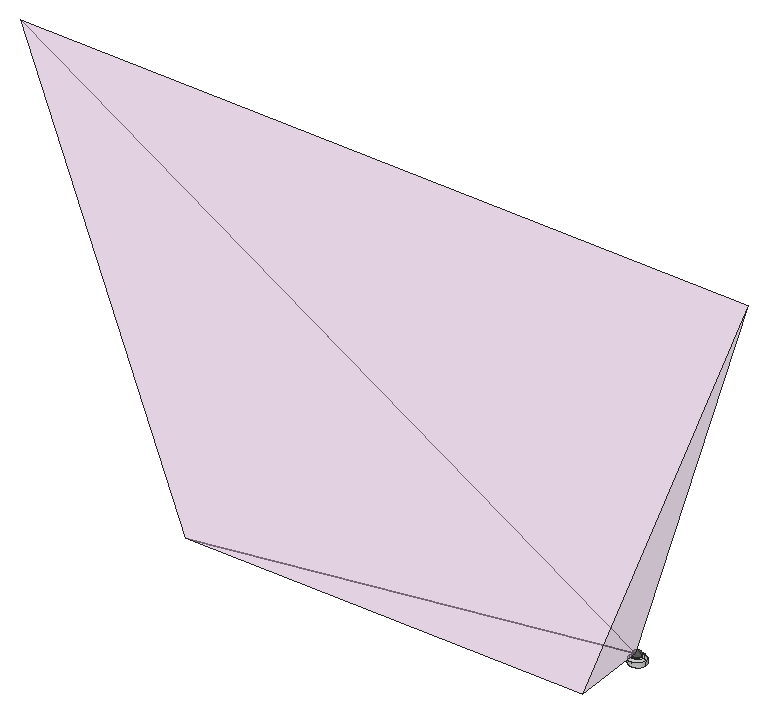
Revit family "i-PRO-5MP-Outdoor-Dome-Network Camera-WV-S2552L", category Security Devices, host Face, Revit 2020
Family settings
  Host = Face
  Maintain Annotation Orientation = No
  Round Connector Dimension = Use Diameter
  Part Type = Normal
  OmniClass Number = 23.85.10.14.11
  OmniClass Title = Cameras
  Cut with Voids When Loaded = No
  Shared = No
  Room Calculation Point = No
Parameters (values of type "WV-S2552L (Wall)")
  z Yaw Actual [instance] = if(and(On Wall, not(On Ceiling)), Yaw Actual, Yaw Actual + 180.00°)  # 0.00°
  z VV Viewpoint Depth Min = 1.28346"  # constant formula
  z VV Viewpoint Depth Max = 1.28346"  # constant formula
  z VV Viewpoint Depth [instance] = (z VV Viewpoint Depth Max - z VV Viewpoint Depth Min) * z HFOV Ratio + z VV Viewpoint Depth Min  # 1.28346"
  z VV Origin Horizontal Offset [instance] = 0.000"  # constant formula
  z VV Origin Height [instance] = 2.4685" - z Camera Bottom Offset  # 2.4685"
  z VV Origin Angle [instance] = 0.00°  # constant formula
  z Tilt Actual [instance] = Tilt Actual  # 45.00°
  z Pan Actual Safe [instance] = if(Pan Actual = -180.00°, 180.00°, Pan Actual)  # 0.00°
  z Pan Actual [instance] = Pan Actual  # 0.00°
  z HFOV Ratio [instance] = (Horizontal FOV Actual - Horizontal FOV Min) / (Horizontal FOV Max - Horizontal FOV Min)  # 0.38571
  z Dome Radius = 1.65354"  # constant formula
  z Const Yaw Handle Length = 9.25197"  # constant formula
  z Const Yaw Base2 Length = 17.32283"  # constant formula
  z Const Yaw Base Length = 10.23622"  # constant formula
  z Const Tilt Handle Length = 11.81102"  # constant formula
  z Const Tilt Base2 Length = 19.68504"  # constant formula
  z Const Tilt Base Length = 9.84252"  # constant formula
  z Const Pan Handle Length = 19.48819"  # constant formula
  z Has Ceiling Mount [instance] = and(On Ceiling, not(On Wall), Has Ceiling Mount)  # no
  z Camera Type = 25500
  z Camera Center Offset [instance] = 0.000"  # constant formula
  z Camera Bottom Offset [instance] = if(z Has Ceiling Mount, 1.65354", 0.000")  # 0.000"
  z Camera Angle [instance] = 90.00°  # constant formula
  z Base is Visible [instance] = not(z Has Ceiling Mount)  # yes
  z Base Radius = Diameter / 2  # 3.0315"
  Yaw Min = -100.00°  # constant formula
  Yaw Max = 100.00°  # constant formula
  Yaw Desired [instance] = 0.00°
  Yaw Actual [instance] = if(Yaw Desired > Yaw Max, Yaw Max, if(Yaw Desired < Yaw Min, Yaw Min, Yaw Desired))  # 0.00°
  Wind Resistance = "Up to 40 m/s {approx. 89 mph}"  # constant formula
  Weight [instance] = 3.53 lbf  # constant formula
  Water and Dust Resistance = "IIP66 (IEC60529), Type 4X(UL50E), NEMA 4X compliant"  # constant formula
  Voltage [instance] = 48 V  # constant formula
  Vertical FOV Min [instance] = if(and(Aspect Ratio 4_3, not(Aspect Ratio 16_9)), VFOV Min 43, VFOV Min 169)  # 19.00°
  Vertical FOV Max [instance] = if(and(Aspect Ratio 4_3, not(Aspect Ratio 16_9)), VFOV Max 43, VFOV Max 169)  # 55.00°
  Vertical FOV Actual [instance] = z HFOV Ratio * (Vertical FOV Max - Vertical FOV Min) + Vertical FOV Min  # 32.8857°
  VFOV Min 43 = 25.00°  # constant formula
  VFOV Min 169 = 19.00°  # constant formula
  VFOV Max 43 = 55.00°  # constant formula
  VFOV Max 169 = 55.00°  # constant formula
  URL = "https://i-pro.com/products_and_solutions/en/surveillance"
  Tilt Min = -30.00°  # constant formula
  Tilt Max = 85.00°  # constant formula
  Tilt Desired [instance] = 45.00°
  Tilt Actual [instance] = if(Tilt Desired > Tilt Max, Tilt Max, if(Tilt Desired < Tilt Min, Tilt Min, Tilt Desired))  # 45.00°
  Storage Temperature = "-40 °C to +60 °C (-40 °F to 140 °F)"  # constant formula
  Show View Volume [instance] = yes
  Shock Resistance = "50J (IEC 60068-2-75 compliant), IK10 (IEC62262))"  # constant formula
  Saftey = "UL (UL62368-1), c-UL (CSA C22.2 No.62368-1), CE, IEC62368-1"  # constant formula
  Provide Feedback = "https://i-pro.com/products_and_solutions/en/surveillance/contact-us"
  Product Page URL = "https://i-pro.com/products_and_solutions/en/surveillance/products/wv-s2552l"
  Product Material = Paint -i-Pro White
  Product Documentation Link = "https://i-pro.com/products_and_solutions/en/surveillance/products/wv-s2552l"
  Power Supply type is PoE [instance] = yes
  Power Supply Type [instance] = "PoE"  # constant formula
  Power Active [instance] = 12.5 W  # constant formula
  Part Number = Model  # "WV-S2552L"
  Part Description = Description  # "i-PRO, 5MP, Outdoor, Dome Network Camera, WV-S2552L"
  Pan Min = -194.00°  # constant formula
  Pan Max = 166.00°  # constant formula
  Pan Desired [instance] = 0.00°
  Pan Actual [instance] = if(Pan Desired > Pan Max, Pan Max, if(Pan Desired < Pan Min, Pan Min, Pan Desired))  # 0.00°
  PPM Desired [instance] = 300
  PPM Actual [instance] = if(PPM Desired > 1, PPM Desired, 1)  # 300
  Original Creation Date = "2023/02/20"  # constant formula
  Operational Temperature = "-30 °C to +60 °C (-22 °F to 140 °F)"  # constant formula
  Operational Humidity = "10 to 100 % (no condensation)"  # constant formula
  On Wall [instance] = not(On Ceiling)  # yes
  On Ceiling [instance] = no
  Model Disclaimer = "Contact i-PRO for more information"  # constant formula
  Model = "WV-S2552L"  # constant formula
  Minimum Illumination = 0.070 lx  # constant formula
  Manufacturer = "i-PRO Co., Ltd."  # constant formula
  Indoor Or Outdoor = "Outdoor"  # constant formula
  IP Or Analog = "IP"  # constant formula
  Horizontal Resolution Actual [instance] = if(and(Aspect Ratio 4_3, not(Aspect Ratio 16_9)), Horizontal Resolution 43, Horizontal Resolution 169)  # 3072
  Horizontal Resolution 43 [instance] = if(and([4_3_3072x2304], not([4_3_1280x960])), 2048, if(and(not([4_3_3072x2304]), [4_3_1280x960]), 1280, 2048))  # 2048
  Horizontal Resolution 169 [instance] = if(and([16_9_3072x1728], not([16_9_2560x1440]), not([16_9_FHD])), 3072, if(and(not([16_9_3072x1728]), [16_9_2560x1440], not([16_9_FHD])), 2560, if(and(not([16_9_3072x1728]), not([16_9_2560x1440]), [16_9_FHD]), 1920, 3072)))  # 3072
  Horizontal FOV Min [instance] = if(and(Aspect Ratio 4_3, not(Aspect Ratio 16_9)), HFOV Min 43, HFOV Min 169)  # 33.00°
  Horizontal FOV Max [instance] = if(and(Aspect Ratio 4_3, not(Aspect Ratio 16_9)), HFOV Max 43, HFOV Max 169)  # 103.00°
  Horizontal FOV Desired [instance] = 60.00°
  Horizontal FOV Actual [instance] = if(Horizontal FOV Desired > Horizontal FOV Max, Horizontal FOV Max, if(Horizontal FOV Desired < Horizontal FOV Min, Horizontal FOV Min, Horizontal FOV Desired))  # 60.00°
  Height = 4.13386"  # constant formula
  Has Ceiling Mount [instance] = and(On Ceiling)  # no
  HFOV Min 43 = 33.00°  # constant formula
  HFOV Min 169 = 33.00°  # constant formula
  HFOV Max 43 = 103.00°  # constant formula
  HFOV Max 169 = 103.00°  # constant formula
  Family Version = "1.0.0"  # constant formula
  Equipment Number [instance] = ""
  Equipment Abbreviation = "SC"  # constant formula
  EMC = "FCC (Part15 ClassA), ICES-003 ClassA, EN55032 ClassA, EN55035"  # constant formula
  Distance to Screen [instance] = 393.70079"
  Distance to PPM Target [instance] = if(PPM Actual = 0, 0.000", 39.37008" * Horizontal Resolution Actual / (PPM Actual * 2 * tan(Horizontal FOV Actual / 2)))  # 349.1378"
  Distance to Floor [instance] = 118.11024"
  Distance to Ceiling [instance] = 0.000"
  Diameter = 6.06299"  # constant formula
  Description = "i-PRO, 5MP, Outdoor, Dome Network Camera, WV-S2552L"  # constant formula
  Default Elevation = 0.000"
  Day Or Night = "Yes"  # constant formula
  Date Last Modified = "2024/03/11"  # constant formula
  Copyright = "© i-PRO Co., Ltd."  # constant formula
  Communication Ports = "10Base-T / 100Base-TX, RJ45 connector"  # constant formula
  Audio Out = "Yes"  # constant formula
  Audio In = "Yes"  # constant formula
  Aspect Ratio 4_3 [instance] = not(Aspect Ratio 16_9)  # no
  Aspect Ratio 16_9 [instance] = yes
  Angle Of View = "103"  # constant formula
  Accessory Part Number [instance] = if(Has Ceiling Mount, "WV-QEM500-W", "Select a Mounting Option")  # "Select a Mounting Option"
  4_3_3072x2304 [instance] = yes
  4_3_1280x960 [instance] = no
  16_9_FHD [instance] = no
  16_9_3072x1728 [instance] = yes
  16_9_2560x1440 [instance] = no
Types (2): name | z Yaw Actual | z VV Origin Height | z Pan Actual Safe | z Pan Actual | z Has Ceiling Mount | z Camera Bottom Offset | z Base is Visible | Pan Desired | Pan Actual | On Wall | On Ceiling | Has Ceiling Mount | Accessory Part Number
  WV-S2552L (Wall) | 0.00° | 2.4685" | 0.00° | 0.00° | no | 0.000" | yes | 0.00° | 0.00° | yes | no | no | "Select a Mounting Option"
  WV-S2552L (Ceiling) | 180.00° | 0.81496" | 180.00° | -180.00° | yes | 1.65354" | no | -180.00° | -180.00° | no | yes | yes | "WV-QEM500-W"
Reference planes (in)
  plane 1 "Center (Front/Back)": y = 0
  plane 2: z = 0
  plane 3 "Center (Left/Right)": x = 0
  plane 4 "Body Bottom": z = 0
  plane 5: y = 0
  plane 6 "BP": z = 2.4685
  plane 7: x = -3.0315
  plane 8: z = 0
  plane 9: z = 2.12598
  plane 10: x = -1.65354
  plane 11: z = 2.40157
  plane 12: z = 1.41732
Forms (in)
  Revolve 1, solid, material "Glass - Panasonic - Black"
    sketch origin (0, 0, 1.06947) x (0, 0, 1) y (1, 0, 0)
      loop
        line (2.98565, 0) -> (1.05652, 0) -> (1.05652, -1.65354) -> (1.33211, -1.65354)
        arc (1.33211, -1.65354) -> (2.50134, -1.16923) -> (2.98565, 0) r 1.65354
      axis (2.98565, 0) -> (1.05652, 0)
    angle from 0 to 360
  Revolve 2, solid, material "Paint -i-Pro White" <- "Product Material", visible <- "z Base is Visible"
    sketch origin (0, 0, 0) x (0, 0, 1) y (1, 0, 0)
      loop
        line (0, 0) -> (0, -3.0315) -> (1.41732, -2.94308) -> (2.12598, -2.28346) -> (2.12598, 0) -> (0, 0)
      axis (2.12598, 0) -> (0, 0)
    angle from 0 to 360
Lines and regions (in)
  reference lines
    curve 1: line (0, 0, 0) -> (0, 0, 3.62205)
  symbolic lines, not visible
    curve 2: line (-1.15, -2.6875, 0) -> (1.15, -2.6875, 0)
Dimensions and locks (in)
  "z Camera Center Offset": plane 5 to plane 1 "Center (Front/Back)"
  "z Base Radius": plane 3 "Center (Left/Right)" to plane 7
  "z Camera Bottom Offset": level to plane 8
  locked: plane 9 to plane 8 at 2.12598
  "z Dome Radius": plane 3 "Center (Left/Right)" to plane 10
  locked: plane 11 to plane 9 at 0.27559
  locked: plane 12 to plane 8 at 1.41732
  "z VV Origin Height": plane 6 "BP" to level
  "z Camera Angle": angle curve 1 to plane 4 "Body Bottom"
  aligned and locked: plane 2 to host face
  aligned and locked: level to host face
  aligned and locked: plane 4 "Body Bottom" to curve 1
  aligned and locked: plane 5 to curve 1
  aligned and locked: plane 5 to nested 1
  aligned and locked: Revolve 1 sketch curve to curve 1  (x2)
  aligned and locked: nested 2 to plane 3 "Center (Left/Right)"
  aligned and locked: nested 2 to plane 1 "Center (Front/Back)"
  aligned and locked: plane 9 to Revolve 1 sketch curve
  aligned and locked: Revolve 1 sketch curve to plane 10
  aligned and locked: Revolve 2 sketch curve to plane 8
  aligned and locked: Revolve 2 sketch curve to plane 9
Automatic sketch dimensions
  host sketch curve to host sketch curve = 96.000"  (x2)
  curve 2 to plane 3 "Center (Left/Right)" = 1.150"
  plane 3 "Center (Left/Right)" to curve 2 = 1.150"
  plane 1 "Center (Front/Back)" to curve 2 = 2.6875"
  Revolve 1 sketch curve to Revolve 1 sketch curve = 0.27559"
  Revolve 1 sketch curve to Revolve 1 sketch curve = 8.18604"
  Revolve 1 sketch curve to Revolve 1 sketch curve = 3.750"
  Revolve 2 sketch curve to curve 1 = 0.000"  (x2)
  Revolve 2 sketch curve to curve 1 = 2.28346"
  Revolve 2 sketch curve to curve 1 = 3.0315"
  Revolve 2 sketch curve to Revolve 2 sketch curve = 0.0597"
  Revolve 2 sketch curve to Revolve 2 sketch curve = 0.70866"
  curve 1 to Revolve 2 sketch curve = 0.35909"
  Revolve 2 sketch curve to Revolve 2 sketch curve = 0.65961"
Nested families (in)
  nested 1: "Ceiling-Bracket-WV-QEM500-W" at (0, 0, 0), Dome Radius <- "z Dome Radius", Has Ceiling Mount <- "Has Ceiling Mount", visible <- "z Has Ceiling Mount", Product Material <- "Product Material", type "Ceiling-Bracket-WV-QEM500-W"
    with z Bracket Radius 3.66142", Product Material Paint -i-Pro White, Has Ceiling Mount no, Dome Radius 1.65354"
  nested 2: "Camera-Security-ViewVolumePTYZ" at (0, 0, 2.4685), Viewpoint Depth <- "z VV Viewpoint Depth", Base Height Offset <- "z VV Origin Height", Viewpoint Origin Horizontal Offset <- "z VV Origin Horizontal Offset", Yaw <- "Yaw Actual", Tilt <- "Tilt Actual", Pan <- "Pan Actual", HFOV <- "Horizontal FOV Actual", VFOV <- "Vertical FOV Actual", On Wall <- "On Wall", On Ceiling <- "On Ceiling", Screen Depth <- "Distance to Screen", Floor Distance <- "Distance to Floor", Ceiling Distance <- "Distance to Ceiling", Target Depth <- "Distance to PPM Target", visible <- "Show View Volume", type "Camera-Security-ViewVolumePTYZ"
    with z Yaw Actual 0.00°, z Void Width 1249.51202", z Void Thickness 397.45276", z Void Height Start -624.75601", z Void Height End 624.75601", z Void Direction 1, z Void Angle 90.00°, z Viewpoint Depth 1.28346", z Tilt Actual 45.00°, z Target Width 403.14961", z Target Visible yes, z Target Height 206.08136", z Target Depth 350.42127", z Screen Width 454.60651", z Screen Height 232.38502", z Screen Depth 394.98425", z Pan Actual 0.00°, z Floor Distance 118.11024", z Ceiling Distance 0.000", Yaw 0.00°, Viewpoint Origin Horizontal Offset 0.000", Viewpoint Depth 1.28346", VFOV 32.8857°, Tilt 45.00°, Target Depth 349.1378", Screen Depth 393.70079", Pan 0.00°, On Wall yes, On Floor no, On Default Mount Type 0, On Ceiling no, HFOV 60.00°, Floor Distance 118.11024", Ceiling Distance 0.000", Base Height Offset 2.4685", Base Angle Offset 0.00°
Connectors (in)
  electrical at (0, 0, 0), driven by "Voltage", driven by "Power Active"
    settings: on Revolve 2, index 1, voltage 48 V, apparent load 12.5 W, apparent load phase1 0.0 W, apparent load phase2 0.0 W, apparent load phase3 0.0 W, power factor 1, load classification "Other", number of poles 1, system type 30, power factor state 1, is connector primary yes, connector utility no, sub classification motor no, connector description "Electrical Connection"
  electrical at (0, 0, 0)
    settings: on Revolve 2, index 2, voltage 0 V, apparent load 0.0 W, apparent load phase1 0.0 W, apparent load phase2 0.0 W, apparent load phase3 0.0 W, power factor 1, load classification "Other", number of poles 1, system type 5, power factor state 1, is connector primary no, connector utility no, sub classification motor no, connector description "Data Connection"
Definition of nested family "Camera-Security-ViewVolumePTYZ"
  Parameters (values of type "Camera-Security-ViewVolumePTYZ")
    z Yaw Actual [instance] = if(Yaw < 0.00°, 360.00° - (abs(Yaw) - rounddown(abs(Yaw) / 360.00°) * 360.00°), Yaw - rounddown(Yaw / 360.00°) * 360.00°)  # 0.00°
    z Void Width [instance] = if(z Screen Width > z Screen Height, z Screen Width, z Screen Height) + abs(Viewpoint Origin Horizontal Offset) + z Void Thickness * 2  # 1265.63013"
    z Void Thickness [instance] = z Screen Depth + abs(Base Height Offset)  # 405.51181"
    z Void Height Start [instance] = -z Void Width / 2  # -632.81507"
    z Void Height End [instance] = z Void Width / 2  # 632.81507"
    z Void Direction [instance] = if((if(On Wall, 1, 0) + if(On Floor, 1, 0) + if(On Ceiling, 1, 0)) = 1, if(On Ceiling, 0, if(On Wall, 1, 2)), On Default Mount Type)  # 0
    z Viewpoint Depth [instance] = if(Viewpoint Depth < 0.03937", 0.03937", Viewpoint Depth)  # 5.90551"
    z Tilt Actual [instance] = if(Tilt < 0.00°, 360.00° - (abs(Tilt) - rounddown(abs(Tilt) / 360.00°) * 360.00°), Tilt - rounddown(Tilt / 360.00°) * 360.00°)  # 45.00°
    z Target Visible [instance] = not(Screen Depth < Target Depth)  # yes
    z Target Thickness Start = -z Target Thickness / 2  # -0.03937"
    z Target Thickness End = z Target Thickness / 2  # 0.03937"
    z Target Depth [instance] = Target Depth + Viewpoint Depth  # 84.64567"
    z Pan Actual [instance] = if(Pan < 0.00°, 360.00° - (abs(Pan) - rounddown(abs(Pan) / 360.00°) * 360.00°), Pan - rounddown(Pan / 360.00°) * 360.00°)  # 0.00°
    z Floor Distance [instance] = if(z Void Direction = 2, if(Floor Distance < 0.000", 0.000", Floor Distance), if(Floor Distance < 0.3937", 0.3937", Floor Distance))  # 118.11024"
    z Const Yaw Base2 Length = 17.32283"  # constant formula
    z Const Tilt Base2 Length = 19.68504"  # constant formula
    z Ceiling Distance [instance] = if(z Void Direction = 2, if(Ceiling Distance < 0.3937", 0.3937", Ceiling Distance), if(Ceiling Distance < 0.000", 0.000", Ceiling Distance))  # 0.000"
    z Const Void Handle Length = 23.62205"  # constant formula
    z Void Angle [instance] = if(z Void Direction = 0, 0.00° + Base Angle Offset, if(z Void Direction = 1, 90.00° + Base Angle Offset, 180.00° + Base Angle Offset))  # 0.00°
    z Screen Depth [instance] = if(Screen Depth < 3.93701", 3.93701" + Viewpoint Depth, Screen Depth + Viewpoint Depth)  # 399.6063"
    Original Creation Date = "2023/02/01"  # constant formula
    On Default Mount Type [instance] = 0
    Manufacturer = "i-PRO Co., Ltd."  # constant formula
    Family Version = "1.0.0"  # constant formula
    Default Elevation = 48.000"
    Date Last Modified = "2023/06/02"  # constant formula
    Copyright = "© i-PRO Co., Ltd."  # constant formula
    Base Height Offset [instance] = 5.90551"
    Base Angle Offset [instance] = 0.00°
    z Viewpoint Width = 0.03937"  # constant formula
    z Viewpoint Height = 0.03937"  # constant formula
    VFOV [instance] = 33.75°
    z Target Width [instance] = Target Depth * tan(HFOV / 2) * 2  # 90.9213"
    z Target Thickness = 0.07874"  # constant formula
    z Target Height [instance] = Target Depth * tan(VFOV / 2) * 2  # 47.77113"
    Target Depth [instance] = 78.74016"
    z Screen Width [instance] = (z Screen Depth - Viewpoint Depth) * tan(HFOV / 2) * 2  # 454.60651"
    z Screen Height [instance] = (z Screen Depth - Viewpoint Depth) * tan(VFOV / 2) * 2  # 238.85566"
    Screen Depth [instance] = 393.70079"
    z Const Yaw Handle Length = 9.25197"  # constant formula
    z Const Yaw Base Length = 10.23622"  # constant formula
    Viewpoint Depth [instance] = 5.90551"
    Viewpoint Origin Horizontal Offset [instance] = 0.000"
    z Const Tilt Handle Length = 14.17323"  # constant formula
    z Const Tilt Base Length = 9.84252"  # constant formula
    z Const Pan Handle Length = 19.68504"  # constant formula
    z Const Pan Axis Length = 15.74803"  # constant formula
    On Wall [instance] = no
    On Floor [instance] = no
    On Ceiling [instance] = yes
    HFOV [instance] = 60.00°
    Yaw [instance] = 0.00°
    Tilt [instance] = 45.00°
    Pan [instance] = 0.00°
    Floor Distance [instance] = 118.11024"
    Ceiling Distance [instance] = 0.000"
  Reference planes (in)
    plane 1 "Center (Front/Back)": y = 0
    plane 2: z = 0
    plane 3 "Center (Left/Right)": x = 0
    plane 4 "VoidOffsetBase": z = -5.90551
  Forms (in)
    Extrusion 1, void
      sketch origin (0, 0, -5.90551) x (0, 0, 1) y (0, -1, 0)
        loop
          line (523.62205, 632.81507) -> (118.11024, 632.81507) -> (118.11024, -632.81507) -> (523.62205, -632.81507) -> (523.62205, 632.81507)
        loop
          line (0, 632.81507) -> (-405.51181, 632.81507) -> (-405.51181, -632.81507) -> (0, -632.81507) -> (0, 632.81507)
      from -632.81507 <- "z Void Height Start" to 632.81507 <- "z Void Height End"
    Blend 2, solid
      base sketch origin (0, -4.17583, 4.17583) x (0, 0.707107, 0.707107) y (-1, 0, 0)
        loop
          line (-0.01969, -0.01969) -> (0.01969, -0.01969) -> (0.01969, 0.01969) -> (-0.01969, 0.01969) -> (-0.01969, -0.01969)
      top sketch origin (0, -282.56432, 282.56432) x (0, 0.707107, 0.707107) y (-1, 0, 0)
        loop
          line (-119.42783, -227.30326) -> (119.42783, -227.30326) -> (119.42783, 227.30326) -> (-119.42783, 227.30326) -> (-119.42783, -227.30326)
      from 0 to 0
    Extrusion 3, solid, visible <- "z Target Visible"
      sketch origin (0, -59.85353, 59.85353) x (0, 0.707107, 0.707107) y (-1, 0, 0)
        loop
          line (-23.88557, -45.46065) -> (23.88557, -45.46065) -> (23.88557, 45.46065) -> (-23.88557, 45.46065) -> (-23.88557, -45.46065)
      from -0.03937 <- "z Target Thickness Start" to 0.03937 <- "z Target Thickness End"
  Cuts and joins
    Extrusion 1 cuts Blend 2
    Extrusion 1 cuts Extrusion 3
  Lines and regions (in)
    reference lines
      curve 1: line (0, 0, 0) -> (19.68504, 0, 0)
      curve 2: line (0, 0, -15.74803) -> (0, 0, 0)
      curve 3: line (0, 0, 0) -> (0, -9.84252, 0)
      curve 4: line (0, 0, 0) -> (0, 0, 19.68504)
      curve 5: line (0, -10.02199, 10.02199) -> (0, 0, 0)
      curve 6: line (0, 0, 0) -> (0, 7.2381, 7.2381)
      curve 7: line (0, 0, 0) -> (-17.32283, 0, 0)
      curve 8: line (0, 0, 0) -> (-9.25197, 0, 0)
      curve 9: line (0, -4.17583, 4.17583) -> (0, 0, 0)
      curve 10: line (0, 0, 0) -> (0, -59.85353, 59.85353)
      curve 11: line (0, 0, 0) -> (0, -282.56432, 282.56432)
      curve 12: line (-0.01969, -4.16191, 4.18975) -> (0.01969, -4.16191, 4.18975)
      curve 13: line (-0.01969, -4.18975, 4.16191) -> (0.01969, -4.18975, 4.16191)
      curve 14: line (-0.01969, -4.16191, 4.18975) -> (-0.01969, -4.18975, 4.16191)
      curve 15: line (0.01969, -4.16191, 4.18975) -> (0.01969, -4.18975, 4.16191)
      curve 16: line (-45.46065, -42.96388, 76.74317) -> (45.46065, -42.96388, 76.74317)
      curve 17: line (-45.46065, -76.74317, 42.96388) -> (45.46065, -76.74317, 42.96388)
      curve 18: line (-45.46065, -42.96388, 76.74317) -> (-45.46065, -76.74317, 42.96388)
      curve 19: line (45.46065, -42.96388, 76.74317) -> (45.46065, -76.74317, 42.96388)
      curve 20: line (-227.30326, -198.1161, 367.01255) -> (-227.30326, -367.01255, 198.1161)
      curve 21: line (227.30326, -198.1161, 367.01255) -> (227.30326, -367.01255, 198.1161)
      curve 22: line (-227.30326, -198.1161, 367.01255) -> (227.30326, -198.1161, 367.01255)
      curve 23: line (-227.30326, -367.01255, 198.1161) -> (227.30326, -367.01255, 198.1161)
      curve 24: line (0, 0, -5.90551) -> (0, 0, 17.71654)
      curve 25: line (0, -632.81507, 517.71654) -> (0, 632.81507, 517.71654)
      curve 26: line (0, -632.81507, 112.20472) -> (0, -632.81507, 517.71654)
      curve 27: line (0, 632.81507, 112.20472) -> (0, -632.81507, 112.20472)
      curve 28: line (0, 632.81507, 517.71654) -> (0, 632.81507, 112.20472)
      curve 29: line (0, -632.81507, -5.90551) -> (0, 632.81507, -5.90551)
      curve 30: line (0, -632.81507, -411.41732) -> (0, -632.81507, -5.90551)
      curve 31: line (0, 632.81507, -411.41732) -> (0, -632.81507, -411.41732)
      curve 32: line (0, 632.81507, -5.90551) -> (0, 632.81507, -411.41732)
  Dimensions and locks (in)
    "z Const Pan Handle Length": curve 1 to curve 1
    "z Const Pan Axis Length": curve 2 to curve 2
    "z Const Tilt Base Length": curve 3 to curve 3
    "z Const Pan Axis Length": curve 1 to curve 2
    "Viewpoint Origin Horizontal Offset": curve 4 to curve 2
    "z Const Tilt Base2 Length": curve 4 to curve 4
    "z Const Tilt Handle Length": curve 5 to curve 5
    "z Const Yaw Base Length": curve 6 to curve 6
    "z Const Yaw Base2 Length": curve 7 to curve 7
    "z Const Yaw Handle Length": curve 8 to curve 8
    "z Viewpoint Depth": curve 9 to curve 9
    "z Target Depth": curve 10 to curve 10
    "z Screen Depth": curve 11 to curve 11
    equal spacing: curve 13, curve 9, curve 12
    "z Viewpoint Height": curve 13 to curve 12
    equal spacing: curve 14, curve 9, curve 15
    "z Viewpoint Width": curve 14 to curve 15
    equal spacing: curve 17, curve 10, curve 16
    "z Target Height": curve 17 to curve 16
    equal spacing: curve 18, curve 10, curve 19
    "z Target Width": curve 18 to curve 19
    equal spacing: curve 20, curve 11, curve 21
    "z Screen Width": curve 20 to curve 21
    equal spacing: curve 23, curve 11, curve 22
    "z Screen Height": curve 23 to curve 22
    "z Const Void Handle Length": curve 24 to curve 24
    equal spacing: curve 26, curve 24, curve 28
    "z Void Width": curve 26 to curve 28
    "z Floor Distance": curve 27 to curve 24
    "z Ceiling Distance": curve 29 to curve 24
    "z Void Thickness": curve 31 to curve 29
    "z Void Thickness": curve 25 to curve 27
    "Base Height Offset": level to plane 4 "VoidOffsetBase"
    locked: curve 3 to curve 2 (angle 90.00°)
    locked: curve 3 to curve 4 (angle 90.00°)
    "z Tilt Actual": angle curve 4 to curve 5
    locked: curve 6 to curve 7 (angle 90.00°)
    locked: curve 6 to curve 5 (angle 90.00°)
    locked: curve 9 to curve 5 (angle 0.00°)
    locked: curve 10 to curve 5 (angle 0.00°)
    locked: curve 11 to curve 5 (angle 0.00°)
    "z Void Angle": angle plane 1 "Center (Front/Back)" to curve 24
    "z Yaw Actual": angle curve 7 to curve 8
    "z Pan Actual": angle plane 1 "Center (Front/Back)" to curve 1
    aligned and locked: level to plane 2
    aligned and locked: curve 2 to curve 1
    aligned and locked: curve 2 to curve 3
    aligned and locked: curve 3 to curve 2
    aligned and locked: curve 3 to curve 5
    aligned and locked: curve 6 to curve 7
    aligned and locked: curve 6 to curve 8
    aligned and locked: curve 8 to curve 7
    aligned and locked: curve 7 to curve 6
    aligned and locked: curve 5 to curve 11
    aligned and locked: curve 11 to curve 8
    aligned and locked: curve 12 to curve 15
    aligned and locked: curve 15 to curve 15
    aligned and locked: curve 14 to curve 14
    aligned and locked: curve 13 to curve 15
    aligned and locked: curve 16 to curve 19
    aligned and locked: curve 18 to curve 18
    aligned and locked: curve 17 to curve 19
    aligned and locked: curve 22 to curve 22
    aligned and locked: curve 21 to curve 23
    aligned and locked: curve 20 to curve 23
    aligned and locked: curve 23 to curve 23
    aligned and locked: plane 1 "Center (Front/Back)" to curve 24
    aligned and locked: curve 30 to curve 26
    aligned and locked: curve 28 to curve 32
    aligned and locked: Extrusion 1 sketch curve to curve 25
    aligned and locked: Extrusion 1 sketch curve to curve 26
    aligned and locked: Extrusion 1 sketch curve to curve 27
    aligned and locked: Extrusion 1 sketch curve to curve 28
    aligned and locked: Extrusion 1 sketch curve to curve 29
    aligned and locked: Extrusion 1 sketch curve to curve 30
    aligned and locked: Extrusion 1 sketch curve to curve 31
    aligned and locked: Extrusion 1 sketch curve to curve 32
    aligned and locked: Extrusion 1 sketch curve to Extrusion 1 sketch curve  (x8)
    aligned and locked: Blend 2 sketch curve to curve 15
    aligned and locked: Blend 2 sketch curve to curve 13
    aligned and locked: Blend 2 sketch curve to curve 14
    aligned and locked: Blend 2 sketch curve to curve 12
    aligned and locked: Blend 2 sketch curve to Blend 2 sketch curve  (x8)
    aligned and locked: Blend 2 sketch curve to curve 21
    aligned and locked: Blend 2 sketch curve to curve 23
    aligned and locked: Blend 2 sketch curve to curve 20
    aligned and locked: Blend 2 sketch curve to curve 22
    aligned and locked: Extrusion 3 sketch curve to curve 19
    aligned and locked: Extrusion 3 sketch curve to curve 17
    aligned and locked: Extrusion 3 sketch curve to curve 18
    aligned and locked: Extrusion 3 sketch curve to curve 16
    aligned and locked: Extrusion 3 sketch curve to Extrusion 3 sketch curve  (x4)
    aligned and locked: plane 3 "Center (Left/Right)" to curve 1
    aligned and locked: plane 1 "Center (Front/Back)" to curve 1
    aligned and locked: level to curve 2
    aligned and locked: plane 4 "VoidOffsetBase" to curve 24
  Automatic sketch dimensions
    curve 6 to curve 5 = 0.000"
    curve 6 to curve 5 = 10.23622"
Definition of nested family "Ceiling-Bracket-WV-QEM500-W"
  Parameters (values of type "Ceiling-Bracket-WV-QEM500-W")
    z Bracket Radius [instance] = 3.66142"  # constant formula
    URL = "https://i-pro.com/products_and_solutions/en/surveillance/products/wv-qem500-w"
    Product Material [instance] = none
    Part Number = Model  # "WV-QEM500-W"
    Model = "WV-QEM500-W"
    Manufacturer = "i-PRO Co., Ltd."
    Keynote = ""
    Has Ceiling Mount [instance] = yes
    Dome Radius [instance] = 1.77165"
    Description = ""
    Default Elevation = 0.000"
    Assembly Code = ""
  Reference planes (in)
    plane 1 "Center (Front/Back)": y = 0
    plane 2: z = 0
    plane 3 "Center (Left/Right)": x = 0
    plane 4: z = 0.295
    plane 5: z = 0.125
    plane 6: x = -3.66142
    plane 7: z = 0
    plane 8: x = -1.77165
    plane 9: z = 0.32
    plane 10: z = 4.32
    plane 11: z = 3.146
    plane 12: z = 3.814
    plane 13: z = -3.63
    plane 14: z = -3.24904
    plane 15: z = -3.12404
    plane 16: z = 5.5
    plane 17: z = 7.75
    plane 18: y = -2.75
    plane 19: y = 2.75
    plane 20: z = 0.295
    plane 21: y = -1.56732
    plane 22: y = 1.33268
    plane 23: x = 3.05
    plane 24: x = 3.25
    plane 25: x = 3.1565
    plane 26: y = -3.25
    plane 27: y = -3
    plane 28: x = 2.9065
    plane 29: x = 3.7815
    plane 30: x = -3.7815
    plane 31: y = 0.375
    plane 32: y = -0.375
  Forms (in)
    Extrusion 1, solid
      sketch origin (0, 0, 0) x (1, 0, 0) y (0, 1, 0)
        loop
          line (-48, 48) -> (-48, -48) -> (48, -48) -> (48, 48) -> (-48, 48)
      from 0 to -12
    Revolve 2, solid, visible <- "Has Ceiling Mount"
      sketch origin (0, 0, 0) x (1, 0, 0) y (0, 0, 1)
        loop
          line (-3.66142, 0.125) -> (-3.66142, 0) -> (-1.77165, 0) -> (-1.77165, 0.295) -> (-3.66142, 0.125)
        axis (0, 0.295) -> (0, 0)
      angle from 0 to 360
  Lines and regions (in)
    Masking region 1
      outline origin (0, 0, 0) x (1, 0, 0) y (0, 1, 0)
        loop
          circle (0, 0) r 3.66142
  Dimensions and locks (in)
    locked: plane 5 to plane 7 at 0.125
    locked: plane 6 to plane 8 at 1.88976
    "Dome Radius": plane 3 "Center (Left/Right)" to plane 8
    plane 16 to Extrusion 1 = 5.500"
    locked: plane 21 to plane 22 at 2.9
    locked: plane 20 to level at 0.295
    "z Bracket Radius": radius of Masking region 1 sketch curve
    aligned and locked: plane 2 to Extrusion 1
    aligned and locked: level to Extrusion 1
    aligned and locked: plane 20 to Revolve 2 sketch curve
    aligned and locked: plane 8 to Revolve 2 sketch curve  (x2)
    aligned and locked: plane 5 to Revolve 2 sketch curve
    aligned and locked: plane 6 to Revolve 2 sketch curve
    aligned and locked: Revolve 2 sketch curve to plane 7
  Automatic sketch dimensions
    Extrusion 1 sketch curve to Extrusion 1 sketch curve = 96.000"  (x2)
    Revolve 2 sketch curve to plane 3 "Center (Left/Right)" = 0.000"
    Revolve 2 sketch curve to level = 0.25803"
    plane 4 to Revolve 2 sketch curve = 0.40138"
    plane 1 "Center (Front/Back)" to Masking region 1 sketch curve = 0.000"
    Masking region 1 sketch curve to plane 3 "Center (Left/Right)" = 0.000"
